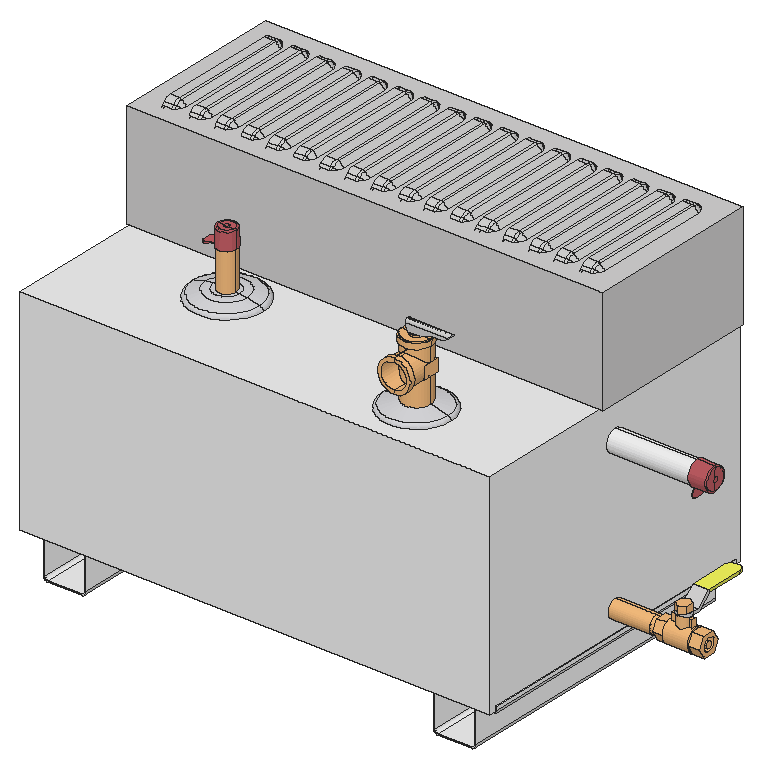
Revit family "Shower-Steam_Generator-KOHLER-Invigoration_Series-K-32328", category Plumbing Fixtures, host Face, Revit 2021 (continued)
Definition of nested family "K-32328"
  Lines and regions (in)
    symbolic lines, detail levels medium+fine
      curve 493: line (3.63386, 5.1516, 0) -> (3.8622, 5.1516, 0)
      curve 494: arc (4.22441, 0.37207, 0) -> (4.11832, 0.11595, 0) -> (3.8622, 0.00987, 0) r 0.3622
      curve 495: line (3.8622, 0.00987, 0) -> (3.63386, 0.00987, 0)
      curve 496: line (3.63386, 0.19057, 0) -> (3.88433, 0.19057, 0)
      curve 497: line (3.63386, 4.95475, 0) -> (3.88433, 4.95475, 0)
      curve 498: line (4.04181, 4.79727, 0) -> (4.04181, 0.34805, 0)
      curve 499: arc (3.88433, 0.19057, 0) -> (3.99569, 0.2367, 0) -> (4.04181, 0.34805, 0) r 0.15748
      curve 500: arc (3.88433, 4.95475, 0) -> (3.99569, 4.90862, 0) -> (4.04181, 4.79727, 0) r 0.15748
      curve 501: line (3.8622, 5.1516, 0) -> (3.8622, 4.95475, 0)
      curve 502: line (4.22441, 4.78939, 0) -> (4.04181, 4.78939, 0)
      curve 503: line (4.22441, 0.37207, 0) -> (4.04181, 0.37207, 0)
      curve 504: line (3.8622, 0.00987, 0) -> (3.8622, 0.19057, 0)
      curve 505: line (4.61811, 5.1516, 0) -> (4.61811, 0.00987, 0)
      curve 506: line (5.20866, 4.78939, 0) -> (5.20866, 0.37207, 0)
      curve 507: arc (4.84646, 5.1516, 0) -> (5.10257, 5.04551, 0) -> (5.20866, 4.78939, 0) r 0.3622
      curve 508: line (4.61811, 5.1516, 0) -> (4.84646, 5.1516, 0)
      curve 509: arc (5.20866, 0.37207, 0) -> (5.10257, 0.11595, 0) -> (4.84646, 0.00987, 0) r 0.3622
      curve 510: line (4.84646, 0.00987, 0) -> (4.61811, 0.00987, 0)
      curve 511: line (4.61811, 0.19057, 0) -> (4.86858, 0.19057, 0)
      curve 512: line (4.61811, 4.95475, 0) -> (4.86858, 4.95475, 0)
      curve 513: line (5.02607, 4.79727, 0) -> (5.02607, 0.34805, 0)
      curve 514: arc (4.86858, 0.19057, 0) -> (4.97994, 0.2367, 0) -> (5.02607, 0.34805, 0) r 0.15748
      curve 515: arc (4.86858, 4.95475, 0) -> (4.97994, 4.90862, 0) -> (5.02607, 4.79727, 0) r 0.15748
      curve 516: line (4.84646, 5.1516, 0) -> (4.84646, 4.95475, 0)
      curve 517: line (5.20866, 4.78939, 0) -> (5.02607, 4.78939, 0)
      curve 518: line (5.20866, 0.37207, 0) -> (5.02607, 0.37207, 0)
      curve 519: line (4.84646, 0.00987, 0) -> (4.84646, 0.19057, 0)
      curve 520: line (5.60236, 5.1516, 0) -> (5.60236, 0.00987, 0)
      curve 521: line (6.19291, 4.78939, 0) -> (6.19291, 0.37207, 0)
      curve 522: arc (5.83071, 5.1516, 0) -> (6.08683, 5.04551, 0) -> (6.19291, 4.78939, 0) r 0.3622
      curve 523: line (5.60236, 5.1516, 0) -> (5.83071, 5.1516, 0)
      curve 524: arc (6.19291, 0.37207, 0) -> (6.08683, 0.11595, 0) -> (5.83071, 0.00987, 0) r 0.3622
      curve 525: line (5.83071, 0.00987, 0) -> (5.60236, 0.00987, 0)
      curve 526: line (5.60236, 0.19057, 0) -> (5.85284, 0.19057, 0)
      curve 527: line (5.60236, 4.95475, 0) -> (5.85284, 4.95475, 0)
      curve 528: line (6.01032, 4.79727, 0) -> (6.01032, 0.34805, 0)
      curve 529: arc (5.85284, 0.19057, 0) -> (5.96419, 0.2367, 0) -> (6.01032, 0.34805, 0) r 0.15748
      curve 530: arc (5.85284, 4.95475, 0) -> (5.96419, 4.90862, 0) -> (6.01032, 4.79727, 0) r 0.15748
      curve 531: line (5.83071, 5.1516, 0) -> (5.83071, 4.95475, 0)
      curve 532: line (6.19291, 4.78939, 0) -> (6.01032, 4.78939, 0)
      curve 533: line (6.19291, 0.37207, 0) -> (6.01032, 0.37207, 0)
      curve 534: line (5.83071, 0.00987, 0) -> (5.83071, 0.19057, 0)
      curve 535: line (6.58661, 5.1516, 0) -> (6.58661, 0.00987, 0)
      curve 536: line (7.17717, 4.78939, 0) -> (7.17717, 0.37207, 0)
      curve 537: arc (6.81496, 5.1516, 0) -> (7.07108, 5.04551, 0) -> (7.17717, 4.78939, 0) r 0.3622
      curve 538: line (6.58661, 5.1516, 0) -> (6.81496, 5.1516, 0)
      curve 539: arc (7.17717, 0.37207, 0) -> (7.07108, 0.11595, 0) -> (6.81496, 0.00987, 0) r 0.3622
      curve 540: line (6.81496, 0.00987, 0) -> (6.58661, 0.00987, 0)
      curve 541: line (6.58661, 0.19057, 0) -> (6.83709, 0.19057, 0)
      curve 542: line (6.58661, 4.95475, 0) -> (6.83709, 4.95475, 0)
      curve 543: line (6.99457, 4.79727, 0) -> (6.99457, 0.34805, 0)
      curve 544: arc (6.83709, 0.19057, 0) -> (6.94844, 0.2367, 0) -> (6.99457, 0.34805, 0) r 0.15748
      curve 545: arc (6.83709, 4.95475, 0) -> (6.94844, 4.90862, 0) -> (6.99457, 4.79727, 0) r 0.15748
      curve 546: line (6.81496, 5.1516, 0) -> (6.81496, 4.95475, 0)
      curve 547: line (7.17717, 4.78939, 0) -> (6.99457, 4.78939, 0)
      curve 548: line (7.17717, 0.37207, 0) -> (6.99457, 0.37207, 0)
      curve 549: line (6.81496, 0.00987, 0) -> (6.81496, 0.19057, 0)
      curve 550: line (7.57087, 5.1516, 0) -> (7.57087, 0.00987, 0)
      curve 551: line (8.16142, 4.78939, 0) -> (8.16142, 0.37207, 0)
      curve 552: arc (7.79921, 5.1516, 0) -> (8.05533, 5.04551, 0) -> (8.16142, 4.78939, 0) r 0.3622
      curve 553: line (7.57087, 5.1516, 0) -> (7.79921, 5.1516, 0)
      curve 554: arc (8.16142, 0.37207, 0) -> (8.05533, 0.11595, 0) -> (7.79921, 0.00987, 0) r 0.3622
      curve 555: line (7.79921, 0.00987, 0) -> (7.57087, 0.00987, 0)
      curve 556: line (7.57087, 0.19057, 0) -> (7.82134, 0.19057, 0)
      curve 557: line (7.57087, 4.95475, 0) -> (7.82134, 4.95475, 0)
      curve 558: line (7.97882, 4.79727, 0) -> (7.97882, 0.34805, 0)
      curve 559: arc (7.82134, 0.19057, 0) -> (7.9327, 0.2367, 0) -> (7.97882, 0.34805, 0) r 0.15748
      curve 560: arc (7.82134, 4.95475, 0) -> (7.9327, 4.90862, 0) -> (7.97882, 4.79727, 0) r 0.15748
      curve 561: line (7.79921, 5.1516, 0) -> (7.79921, 4.95475, 0)
      curve 562: line (8.16142, 4.78939, 0) -> (7.97882, 4.78939, 0)
      curve 563: line (8.16142, 0.37207, 0) -> (7.97882, 0.37207, 0)
      curve 564: line (7.79921, 0.00987, 0) -> (7.79921, 0.19057, 0)
      curve 565: arc (-5.66929, -0.3799, 0) -> (-5.55118, -0.49801, 0) -> (-5.43307, -0.3799, 0) r 0.11811
      curve 566: arc (-5.43307, -0.3799, 0) -> (-5.55118, -0.26179, 0) -> (-5.66929, -0.3799, 0) r 0.11811
      curve 567: arc (5.43307, -0.3799, 0) -> (5.55118, -0.49801, 0) -> (5.66929, -0.3799, 0) r 0.11811
      curve 568: arc (5.66929, -0.3799, 0) -> (5.55118, -0.26179, 0) -> (5.43307, -0.3799, 0) r 0.11811
      curve 569: line (-8.92126, -0.70669, 0) -> (8.92126, -0.70667, 0)
      curve 570: arc (-7.90354, -5.52163, 0) -> (-7.97244, -5.59053, 0) -> (-8.04134, -5.52163, 0) r 0.0689
      curve 571: arc (-8.04134, -5.52163, 0) -> (-7.97244, -5.45273, 0) -> (-7.90354, -5.52163, 0) r 0.0689
      curve 572: arc (7.90354, -5.52163, 0) -> (7.97244, -5.59053, 0) -> (8.04134, -5.52163, 0) r 0.0689
      curve 573: arc (8.04134, -5.52163, 0) -> (7.97244, -5.45273, 0) -> (7.90354, -5.52163, 0) r 0.0689
      curve 574: circle (-4.02165, -2.30118, 0) r 1.25539 normal (0, 0, 1)
      curve 575: circle (-4.02165, -2.30118, 0) r 1.14844 normal (0, 0, 1)
      curve 576: arc (-4.47651, -2.10642, 0) -> (-3.49357, -2.26331, 0) -> (-4.44487, -2.55625, 0) r 0.51097
      curve 577: arc (-4.34385, -2.2126, 0) -> (-4.16878, -1.99416, 0) -> (-3.88981, -1.97097, 0) r 0.35431
      curve 578: arc (-4.34378, -2.47378, 0) -> (-4.16867, -2.69203, 0) -> (-3.88981, -2.71516, 0) r 0.35431
      curve 579: arc (-3.88981, -2.71516, 0) -> (-3.74596, -2.67767, 0) -> (-3.62784, -2.58739, 0) r 0.3764
      curve 580: arc (-3.62784, -2.58739, 0) -> (-3.54968, -2.44497, 0) -> (-3.53882, -2.28287, 0) r 0.3764
      curve 581: arc (-3.53882, -2.28287, 0) -> (-3.65795, -2.06349, 0) -> (-3.88981, -1.97097, 0) r 0.3672
      curve 582: line (-4.25596, -2.2126, 0) -> (-4.40987, -2.2126, 0)
      curve 583: line (-4.40987, -2.47378, 0) -> (-4.25544, -2.47378, 0)
      curve 584: arc (-4.25544, -2.47378, 0) -> (-4.27938, -2.34324, 0) -> (-4.25596, -2.2126, 0) r 0.3719
      curve 585: arc (-4.25596, -2.2126, 0) -> (-4.1123, -2.03206, 0) -> (-3.88981, -1.97097, 0) r 0.37196
      curve 586: arc (-4.25544, -2.47378, 0) -> (-4.11172, -2.65369, 0) -> (-3.88981, -2.71516, 0) r 0.37362
      curve 587: arc (-4.40987, -2.2126, 0) -> (-4.4279, -2.14991, 0) -> (-4.47651, -2.10642, 0) r 0.11787
      curve 588: arc (-4.54348, -2.09471, 0) -> (-4.62683, -2.12923, 0) -> (-4.66135, -2.21258, 0) r 0.11787
      curve 589: line (-4.66135, -2.21258, 0) -> (-4.66135, -2.47242, 0)
      curve 590: arc (-4.66135, -2.47242, 0) -> (-4.62683, -2.55576, 0) -> (-4.54348, -2.59029, 0) r 0.11787
      curve 591: arc (-4.49031, -2.58419, 0) -> (-4.43247, -2.54183, 0) -> (-4.40987, -2.47378, 0) r 0.11787
      curve 592: arc (-4.4807, -2.51946, 0) -> (-4.46678, -2.51369, 0) -> (-4.46101, -2.49977, 0) r 0.01968
      curve 593: line (-4.46101, -2.49977, 0) -> (-4.46101, -2.18522, 0)
      curve 594: arc (-4.46101, -2.18522, 0) -> (-4.46678, -2.1713, 0) -> (-4.4807, -2.16554, 0) r 0.01968
      curve 595: arc (-4.58265, -2.16554, 0) -> (-4.59657, -2.1713, 0) -> (-4.60233, -2.18522, 0) r 0.01968
      curve 596: line (-4.60233, -2.18522, 0) -> (-4.60233, -2.49977, 0)
      curve 597: arc (-4.60233, -2.49977, 0) -> (-4.59657, -2.51369, 0) -> (-4.58265, -2.51946, 0) r 0.01968
      curve 598: arc (-4.57498, -2.16533, 0) -> (-4.56106, -2.1711, 0) -> (-4.55529, -2.18502, 0) r 0.01968
      curve 599: line (-4.55529, -2.18502, 0) -> (-4.55529, -2.49998, 0)
      curve 600: arc (-4.55529, -2.49998, 0) -> (-4.56106, -2.5139, 0) -> (-4.57498, -2.51966, 0) r 0.01968
      curve 601: arc (-4.50786, -2.09615, 0) -> (-4.52566, -2.09507, 0) -> (-4.54348, -2.09471, 0) r 0.44017
      curve 602: arc (-4.47651, -2.10642, 0) -> (-4.49158, -2.09943, 0) -> (-4.50786, -2.09615, 0) r 0.07068
      curve 603: arc (-4.54348, -2.59029, 0) -> (-4.51672, -2.58876, 0) -> (-4.49031, -2.58419, 0) r 0.23484
      curve 604: arc (-4.48816, -2.16554, 0) -> (-4.50208, -2.1713, 0) -> (-4.50784, -2.18522, 0) r 0.01968
      curve 605: line (-4.50784, -2.18522, 0) -> (-4.50784, -2.49977, 0)
      curve 606: arc (-4.50784, -2.49977, 0) -> (-4.50208, -2.51369, 0) -> (-4.48816, -2.51946, 0) r 0.01968
      curve 607: arc (5.80466, -3.88631, 0) -> (3.28944, -3.97821, 0) -> (5.80216, -4.12318, 0) r 1.25984
      curve 608: line (5.80466, -3.88631, 0) -> (5.88153, -3.88631, 0)
      curve 609: line (5.80216, -4.12318, 0) -> (5.86693, -4.12318, 0)
      curve 610: arc (5.91503, -3.905, 0) -> (5.9425, -3.99879, 0) -> (5.9182, -4.09345, 0) r 0.18443
      curve 611: arc (5.88153, -3.88631, 0) -> (5.90071, -3.8913, 0) -> (5.91503, -3.905, 0) r 0.03937
      curve 612: arc (5.86693, -4.12318, 0) -> (5.89656, -4.11521, 0) -> (5.9182, -4.09345, 0) r 0.05906
      curve 613: line (5.80466, -3.88631, 0) -> (4.28188, -3.88631, 0)
      curve 614: line (5.80216, -4.12318, 0) -> (4.27938, -4.12318, 0)
      curve 615: arc (4.27068, -3.9219, 0) -> (4.2671, -3.99898, 0) -> (4.27068, -4.07605, 0) r 0.8315
      curve 616: arc (4.28188, -3.88631, 0) -> (4.27438, -3.90351, 0) -> (4.27068, -3.9219, 0) r 0.0886
      curve 617: arc (4.27068, -4.07605, 0) -> (4.27397, -4.09981, 0) -> (4.27938, -4.12318, 0) r 0.26739
      curve 618: arc (5.14109, -3.88631, 0) -> (5.10918, -3.78424, 0) -> (5.05878, -3.68992, 0) r 0.57045
      curve 619: line (5.05878, -3.68992, 0) -> (5.15384, -3.68992, 0)
      curve 620: line (5.15384, -3.68992, 0) -> (5.15384, -3.88631, 0)
      curve 621: arc (5.05878, -3.68992, 0) -> (4.58307, -3.4343, 0) -> (4.10737, -3.68992, 0) r 0.57045
      curve 622: line (5.15384, -4.3211, 0) -> (5.11944, -4.3211, 0)
      curve 623: line (5.11944, -4.3211, 0) -> (5.11944, -4.19899, 0)
      curve 624: arc (5.11944, -4.19899, 0) -> (5.13158, -4.16146, 0) -> (5.14109, -4.12318, 0) r 0.57045
      curve 625: line (5.15384, -4.12318, 0) -> (5.15384, -4.3211, 0)
      curve 626: line (4.10737, -3.68992, 0) -> (4.01262, -3.68992, 0)
      curve 627: line (4.01262, -4.00475, 0) -> (4.01262, -3.68992, 0)
      curve 628: arc (4.10737, -3.68992, 0) -> (4.32674, -4.51436, 0) -> (5.11944, -4.19899, 0) r 0.57045
      curve 629: line (4.04626, -4.19774, 0) -> (4.04626, -4.32084, 0)
      curve 630: line (4.01262, -4.00475, 0) -> (4.01262, -4.32084, 0)
      curve 631: line (4.01262, -4.32084, 0) -> (4.04626, -4.32084, 0)
      curve 632: line (4.01262, -4.32084, 0) -> (4.01262, -4.87196, 0)
      curve 633: line (4.01262, -4.87196, 0) -> (3.97197, -4.87196, 0)
      curve 634: line (3.97197, -4.87196, 0) -> (3.97197, -5.06881, 0)
      curve 635: line (3.97197, -5.06881, 0) -> (4.59843, -5.06881, 0)
      curve 636: line (5.15384, -4.3211, 0) -> (5.15384, -4.87221, 0)
      curve 637: line (5.15384, -4.87221, 0) -> (5.19448, -4.87221, 0)
      curve 638: line (5.19448, -4.87221, 0) -> (5.19448, -5.06881, 0)
      curve 639: line (5.19448, -5.06881, 0) -> (4.59843, -5.06881, 0)
      curve 640: line (4.01262, -4.87196, 0) -> (5.15384, -4.87221, 0)
      curve 641: arc (3.97197, -5.00167, 0) -> (4.58323, -2.84224, 0) -> (5.19448, -5.00167, 0) r 1.16623
      curve 642: line (-8.78594, -0.70669, 0) -> (-8.78594, -5.86811, 0)
      curve 643: line (-8.92126, -2.93435, 0) -> (-8.92126, -5.17912, 0)
      curve 644: line (-8.9685, 5.11323, 0) -> (-8.9685, 2.9649, 0)
      curve 645: line (8.78841, -0.70667, 0) -> (8.78841, -5.86811, 0)
      curve 646: line (8.86614, 0, 2.89247) -> (8.86614, 0, 2.22318)
      curve 647: arc (8.84646, 0, 1.5342) -> (8.85706, 0, 1.53624) -> (8.86614, 0, 1.54208) r 0.02854
      curve 648: line (0, 0.0111, 13.53937) -> (0, 5.15037, 13.53937)
      curve 649: line (0, -0.01023, 3.65714) -> (0, -0.01023, 3.40693)
  Dimensions and locks (in)
    plane 35 to plane 17 = 2.54786"
    plane 36 to plane 19 "FF" = 1.34408"
    aligned and locked: plane 2 to level
    aligned and locked: Revolve 43 sketch curve to cut or joined group of Extrusion 45, Extrusion 46
    aligned and locked: Extrusion 47 to cut or joined group of Extrusion 45, Extrusion 46
    aligned and locked: plane 7 to Masking region 2 sketch curve
    aligned and locked: plane 28 to Masking region 3 sketch curve  (x2)
    aligned and locked: Masking region 3 sketch curve to plane 6
    aligned and locked: plane 15 to Masking region 3 sketch curve
    aligned and locked: Masking region 3 sketch curve to plane 16
    aligned and locked: Masking region 3 sketch curve to plane 29
    aligned and locked: plane 32 to Revolve 33 sketch curve
    aligned and locked: plane 32 to Extrusion 56
    aligned and locked: plane 34 to Masking region 1 sketch curve
    aligned and locked: plane 33 to Masking region 1 sketch curve
    aligned and locked: plane 17 to Extrusion 57 sketch curve
    aligned and locked: plane 13 to Extrusion 57 sketch curve
